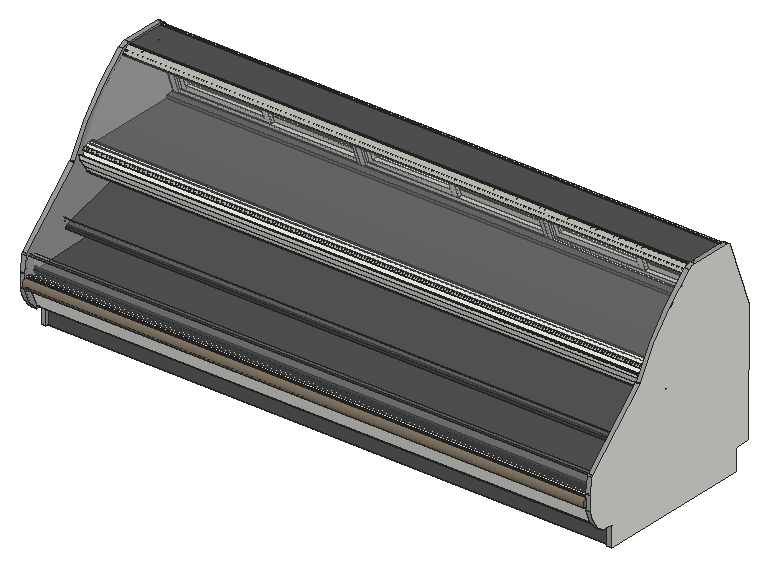
Revit family "CR3-D_2014", category Specialty Equipment, Revit 2014 (continued)
Automatic sketch dimensions
  Extrusion 4 sketch curve to plane 3 "Top" = 0.01343"
  Extrusion 4 sketch curve to Extrusion 4 sketch curve = 0.36"
  Extrusion 4 sketch curve to Extrusion 4 sketch curve = 0.078"
  Extrusion 4 sketch curve to Extrusion 4 sketch curve = 0.99303"
  Extrusion 4 sketch curve to Extrusion 4 sketch curve = 0.10921"
  plane 3 "Top" to Extrusion 4 sketch curve = 3.03274"
  plane 3 "Top" to Extrusion 4 sketch curve = 2.93277"
  Extrusion 4 sketch curve to Extrusion 4 sketch curve = 0.0733"  (x4)
  Extrusion 4 sketch curve to Extrusion 4 sketch curve = 4.52698"
  Extrusion 4 sketch curve to Extrusion 4 sketch curve = 0.0478"
  Extrusion 4 sketch curve to Extrusion 4 sketch curve = 0.3578"
  plane 3 "Top" to Extrusion 4 sketch curve = 3.69053"
  Extrusion 4 sketch curve to Extrusion 4 sketch curve = 0.03377"
  Extrusion 4 sketch curve to Extrusion 4 sketch curve = 0.595"  (x2)
  plane 3 "Top" to Extrusion 4 sketch curve = 2.93133"
  Extrusion 4 sketch curve to Extrusion 4 sketch curve = 1 1/8"
  Extrusion 4 sketch curve to Extrusion 4 sketch curve = 0.2372"
  Extrusion 4 sketch curve to Extrusion 4 sketch curve = 0.0128"
  Extrusion 4 sketch curve to Extrusion 4 sketch curve = 0.345"  (x3)
  plane 3 "Top" to Extrusion 4 sketch curve = 0.34572"
  Extrusion 4 sketch curve to Extrusion 4 sketch curve = 1.88489"
  Extrusion 4 sketch curve to Extrusion 4 sketch curve = 14.9952"
  Extrusion 4 sketch curve to Extrusion 4 sketch curve = 0.02615"
  level to Extrusion 4 sketch curve = 7.60758"
  Extrusion 4 sketch curve to Extrusion 4 sketch curve = 0.86367"  (x2)
  Extrusion 4 sketch curve to Extrusion 4 sketch curve = 0.96365"
  Extrusion 4 sketch curve to Extrusion 4 sketch curve = 2.4815"
  Extrusion 4 sketch curve to Extrusion 4 sketch curve = 0.13"
  Extrusion 4 sketch curve to Extrusion 4 sketch curve = 0.035"
  Extrusion 4 sketch curve to Extrusion 4 sketch curve = 0.04029"
  Extrusion 4 sketch curve to Extrusion 4 sketch curve = 0.06467"
  Extrusion 4 sketch curve to Extrusion 4 sketch curve = 0.06385"
  Extrusion 4 sketch curve to Extrusion 4 sketch curve = 1.13058"
  Extrusion 4 sketch curve to Extrusion 4 sketch curve = 2.58659"
  Extrusion 4 sketch curve to Extrusion 4 sketch curve = 0.04197"
  Extrusion 4 sketch curve to Extrusion 4 sketch curve = 1.26414"
  Extrusion 4 sketch curve to Extrusion 4 sketch curve = 0.09181"
  Extrusion 4 sketch curve to Extrusion 4 sketch curve = 2.8311"
  Extrusion 4 sketch curve to Extrusion 4 sketch curve = 0.82887"
  Extrusion 4 sketch curve to Extrusion 4 sketch curve = 0.87606"
  Extrusion 4 sketch curve to Extrusion 4 sketch curve = 0.12563"
  Extrusion 4 sketch curve to Extrusion 4 sketch curve = 0.02379"  (x2)
  Extrusion 4 sketch curve to Extrusion 4 sketch curve = 0.05629"  (x3)
  Extrusion 4 sketch curve to Extrusion 4 sketch curve = 3.41548"
  Extrusion 4 sketch curve to Extrusion 4 sketch curve = 0.07575"
  Extrusion 4 sketch curve to Extrusion 4 sketch curve = 0.015"  (x2)
  Extrusion 4 sketch curve to Extrusion 4 sketch curve = 0.02598"
  Extrusion 4 sketch curve to Extrusion 4 sketch curve = 0.71047"
  Extrusion 4 sketch curve to Extrusion 4 sketch curve = 0.83571"
  Extrusion 4 sketch curve to Extrusion 4 sketch curve = 0.0325"
  Extrusion 4 sketch curve to Extrusion 4 sketch curve = 0.05157"
  Extrusion 4 sketch curve to Extrusion 4 sketch curve = 0.15131"
  Extrusion 4 sketch curve to Extrusion 4 sketch curve = 0.0366"
  Extrusion 4 sketch curve to Extrusion 4 sketch curve = 0.91312"
  Extrusion 4 sketch curve to Extrusion 4 sketch curve = 0.03995"
  Extrusion 4 sketch curve to Extrusion 4 sketch curve = 0.85479"
  Extrusion 4 sketch curve to Extrusion 4 sketch curve = 0.05372"
  Extrusion 4 sketch curve to Extrusion 4 sketch curve = 0.75387"
  Extrusion 4 sketch curve to Extrusion 4 sketch curve = 0.0238"
  Extrusion 4 sketch curve to Extrusion 4 sketch curve = 0.01291"
  Extrusion 4 sketch curve to Extrusion 4 sketch curve = 0.75022"
  Extrusion 4 sketch curve to Extrusion 4 sketch curve = 0.77812"
  Extrusion 4 sketch curve to Extrusion 4 sketch curve = 0.02374"
  Extrusion 4 sketch curve to Extrusion 4 sketch curve = 0.2159"
  Extrusion 4 sketch curve to Extrusion 4 sketch curve = 0.02365"
  Extrusion 4 sketch curve to Extrusion 4 sketch curve = 0.06259"
  plane 5 "Front" to Extrusion 4 sketch curve = 6.06739"
  Extrusion 4 sketch curve to Extrusion 4 sketch curve = 0.05811"
  Extrusion 4 sketch curve to Extrusion 4 sketch curve = 1/16"
  Extrusion 4 sketch curve to Extrusion 4 sketch curve = 0.00996"
  Extrusion 4 sketch curve to Extrusion 4 sketch curve = 0.06037"
  Extrusion 4 sketch curve to Extrusion 4 sketch curve = 1.03228"
  Extrusion 4 sketch curve to Extrusion 4 sketch curve = 0.002"
  Extrusion 4 sketch curve to Extrusion 4 sketch curve = 0.07433"
  Extrusion 4 sketch curve to Extrusion 4 sketch curve = 0.05894"
  Extrusion 4 sketch curve to Extrusion 4 sketch curve = 0.942"
  Extrusion 4 sketch curve to Extrusion 4 sketch curve = 0.437"
  Extrusion 4 sketch curve to Extrusion 4 sketch curve = 1.30099"
  Extrusion 4 sketch curve to Extrusion 4 sketch curve = 0.321"  (x2)
  Extrusion 4 sketch curve to Extrusion 4 sketch curve = 0.3835"
  Extrusion 4 sketch curve to Extrusion 4 sketch curve = 0.33171"
  Extrusion 4 sketch curve to Extrusion 4 sketch curve = 0.48743"
  Extrusion 4 sketch curve to Extrusion 4 sketch curve = 0.0925"  (x2)
  Extrusion 4 sketch curve to Extrusion 4 sketch curve = 0.71176"
  Extrusion 4 sketch curve to Extrusion 4 sketch curve = 0.95999"
  level to Extrusion 4 sketch curve = 7.41108"
  Extrusion 4 sketch curve to Extrusion 4 sketch curve = 0.70692"
  Extrusion 4 sketch curve to Extrusion 4 sketch curve = 0.92046"
  Extrusion 4 sketch curve to Extrusion 4 sketch curve = 0.03"
  Extrusion 4 sketch curve to Extrusion 4 sketch curve = 0.57125"
  Extrusion 4 sketch curve to Extrusion 4 sketch curve = 0.01129"
  Extrusion 4 sketch curve to Extrusion 4 sketch curve = 0.18131"
  Extrusion 4 sketch curve to Extrusion 4 sketch curve = 0.02229"
  Extrusion 4 sketch curve to Extrusion 4 sketch curve = 2.51608"
  Extrusion 4 sketch curve to Extrusion 4 sketch curve = 0.234"
  Extrusion 4 sketch curve to Extrusion 4 sketch curve = 3.88125"
  Extrusion 4 sketch curve to Extrusion 4 sketch curve = 0.91209"
  Extrusion 4 sketch curve to Extrusion 4 sketch curve = 0.01618"
  Extrusion 4 sketch curve to Extrusion 4 sketch curve = 0.09662"
  Extrusion 4 sketch curve to Extrusion 4 sketch curve = 0.11688"
  Extrusion 4 sketch curve to Extrusion 4 sketch curve = 1.62375"
  Extrusion 4 sketch curve to Extrusion 4 sketch curve = 0.1555"
  Extrusion 4 sketch curve to Extrusion 4 sketch curve = 0.062"
  Extrusion 4 sketch curve to Extrusion 4 sketch curve = 0.59641"
  Extrusion 4 sketch curve to Extrusion 4 sketch curve = 0.371"
  Extrusion 4 sketch curve to Extrusion 4 sketch curve = 0.24458"
  Extrusion 4 sketch curve to Extrusion 4 sketch curve = 12.24798"
  Extrusion 4 sketch curve to Extrusion 4 sketch curve = 0.00656"
  Extrusion 4 sketch curve to Extrusion 4 sketch curve = 0.39739"
  Extrusion 4 sketch curve to Extrusion 4 sketch curve = 0.32631"
  Extrusion 4 sketch curve to Extrusion 4 sketch curve = 0.39507"
  Extrusion 4 sketch curve to Extrusion 4 sketch curve = 2.2093"
  Extrusion 4 sketch curve to Extrusion 4 sketch curve = 0.96558"
  Extrusion 4 sketch curve to Extrusion 4 sketch curve = 0.01537"
  Extrusion 4 sketch curve to Extrusion 4 sketch curve = 1.40745"
  Extrusion 4 sketch curve to Extrusion 4 sketch curve = 1.95994"
  Extrusion 4 sketch curve to Extrusion 4 sketch curve = 0.22796"
  Extrusion 4 sketch curve to Extrusion 4 sketch curve = 0.43429"
  Extrusion 4 sketch curve to Extrusion 4 sketch curve = 0.4825"
  Extrusion 4 sketch curve to Extrusion 4 sketch curve = 0.17619"
  Extrusion 4 sketch curve to Extrusion 4 sketch curve = 0.12493"
  Extrusion 4 sketch curve to Extrusion 4 sketch curve = 1.46908"
  Extrusion 4 sketch curve to Extrusion 4 sketch curve = 0.03185"
  Extrusion 4 sketch curve to Extrusion 4 sketch curve = 2.01993"
  Extrusion 4 sketch curve to Extrusion 4 sketch curve = 0.68782"
  Extrusion 4 sketch curve to Extrusion 4 sketch curve = 0.00882"
  Extrusion 4 sketch curve to Extrusion 4 sketch curve = 0.37625"
  Extrusion 4 sketch curve to Extrusion 4 sketch curve = 0.06078"
  Extrusion 4 sketch curve to Extrusion 4 sketch curve = 0.07809"
  Extrusion 4 sketch curve to Extrusion 4 sketch curve = 4.12766"
  Extrusion 4 sketch curve to Extrusion 4 sketch curve = 0.01127"
  Extrusion 4 sketch curve to Extrusion 4 sketch curve = 0.16976"
  Extrusion 4 sketch curve to Extrusion 4 sketch curve = 0.01077"
  Extrusion 4 sketch curve to Extrusion 4 sketch curve = 0.25301"
  Extrusion 4 sketch curve to Extrusion 4 sketch curve = 0.0054"
  Extrusion 4 sketch curve to Extrusion 4 sketch curve = 0.11679"
  Extrusion 4 sketch curve to Extrusion 4 sketch curve = 35/128"
  Extrusion 4 sketch curve to Extrusion 4 sketch curve = 0.98246"
  Extrusion 4 sketch curve to Extrusion 4 sketch curve = 0.00402"
  Extrusion 4 sketch curve to Extrusion 4 sketch curve = 0.52991"
  Extrusion 4 sketch curve to Extrusion 4 sketch curve = 0.12516"
  Extrusion 4 sketch curve to Extrusion 4 sketch curve = 0.00521"
  Extrusion 4 sketch curve to Extrusion 4 sketch curve = 0.5022"
  Extrusion 4 sketch curve to Extrusion 4 sketch curve = 0.30902"
  Extrusion 4 sketch curve to Extrusion 4 sketch curve = 0.03957"
  Extrusion 4 sketch curve to Extrusion 4 sketch curve = 0.82"
  Extrusion 4 sketch curve to Extrusion 4 sketch curve = 0.0258"
  Extrusion 4 sketch curve to Extrusion 4 sketch curve = 0.03743"
  Extrusion 4 sketch curve to Extrusion 4 sketch curve = 0.03257"
  Extrusion 4 sketch curve to Extrusion 4 sketch curve = 0.03732"
  Extrusion 4 sketch curve to Extrusion 4 sketch curve = 0.15477"
  Extrusion 4 sketch curve to Extrusion 4 sketch curve = 0.04499"
  Extrusion 4 sketch curve to Extrusion 4 sketch curve = 0.435"  (x2)
  Extrusion 4 sketch curve to Extrusion 4 sketch curve = 0.50144"
  Extrusion 4 sketch curve to Extrusion 4 sketch curve = 0.00074"
  plane 3 "Top" to Extrusion 4 sketch curve = 3.69039"
  Extrusion 4 sketch curve to Extrusion 4 sketch curve = 0.03381"
  Extrusion 5 sketch curve to Extrusion 5 sketch curve = 0"  (x2)
  plane 5 "Front" to Extrusion 5 sketch curve = 3.56606"
  Extrusion 5 sketch curve to Extrusion 5 sketch curve = 0.06362"
  Extrusion 5 sketch curve to Extrusion 5 sketch curve = 0.07036"
  Extrusion 5 sketch curve to Extrusion 5 sketch curve = 0.03426"
  Extrusion 5 sketch curve to Extrusion 5 sketch curve = 0.0544"
  Extrusion 5 sketch curve to Extrusion 5 sketch curve = 0.06497"
  Extrusion 5 sketch curve to Extrusion 5 sketch curve = 0.03498"  (x2)
  Extrusion 5 sketch curve to Extrusion 5 sketch curve = 0.02998"
  Extrusion 5 sketch curve to Extrusion 5 sketch curve = 0.00096"
  Extrusion 5 sketch curve to Extrusion 5 sketch curve = 0.00112"
  Extrusion 5 sketch curve to Extrusion 5 sketch curve = 0.01494"
  plane 1 "Back" to Extrusion 5 sketch curve = 21.46057"
  Extrusion 5 sketch curve to Extrusion 5 sketch curve = 0.688"
  level to Extrusion 5 sketch curve = 13.99202"
  Extrusion 5 sketch curve to Extrusion 5 sketch curve = 0.46476"
  Extrusion 5 sketch curve to Extrusion 5 sketch curve = 0.0279"
  Extrusion 5 sketch curve to Extrusion 5 sketch curve = 0.6195"
  Extrusion 5 sketch curve to Extrusion 5 sketch curve = 0.00718"
  Extrusion 5 sketch curve to Extrusion 5 sketch curve = 0.47815"
  Extrusion 5 sketch curve to Extrusion 5 sketch curve = 0.01333"
  Extrusion 5 sketch curve to Extrusion 5 sketch curve = 9.25567"
  plane 5 "Front" to Extrusion 6 sketch curve = 13.69225"
  Extrusion 6 sketch curve to Extrusion 6 sketch curve = 0.06041"
  Extrusion 6 sketch curve to Extrusion 6 sketch curve = 0.16871"
  Extrusion 6 sketch curve to Extrusion 6 sketch curve = 0.06028"
  Extrusion 6 sketch curve to Extrusion 6 sketch curve = 0.00013"
  Extrusion 6 sketch curve to Extrusion 6 sketch curve = 0.01605"
  Extrusion 6 sketch curve to Extrusion 6 sketch curve = 0.20224"
  Extrusion 6 sketch curve to Extrusion 6 sketch curve = 0.04419"
  Extrusion 6 sketch curve to Extrusion 6 sketch curve = 0.06037"  (x4)
  Extrusion 6 sketch curve to Extrusion 6 sketch curve = 0.25343"
  Extrusion 6 sketch curve to Extrusion 6 sketch curve = 0.58875"
  Extrusion 6 sketch curve to Extrusion 6 sketch curve = 0.56443"
  Extrusion 6 sketch curve to Extrusion 6 sketch curve = 0.02594"
  Extrusion 6 sketch curve to Extrusion 6 sketch curve = 0.03864"
  Extrusion 6 sketch curve to Extrusion 6 sketch curve = 0.01757"
  Extrusion 6 sketch curve to Extrusion 6 sketch curve = 0.8447"
  Extrusion 6 sketch curve to Extrusion 6 sketch curve = 0.03897"
  Extrusion 6 sketch curve to Extrusion 6 sketch curve = 0.08331"
  Extrusion 6 sketch curve to Extrusion 6 sketch curve = 0.00906"  (x2)
  Extrusion 6 sketch curve to Extrusion 6 sketch curve = 0.03381"
  Extrusion 6 sketch curve to Extrusion 6 sketch curve = 0.08021"
  Extrusion 6 sketch curve to Extrusion 6 sketch curve = 0.03427"
  Extrusion 6 sketch curve to Extrusion 6 sketch curve = 0.03335"  (x2)
  Extrusion 6 sketch curve to Extrusion 6 sketch curve = 0.52078"
  Extrusion 6 sketch curve to Extrusion 6 sketch curve = 0.01551"
  Extrusion 6 sketch curve to Extrusion 6 sketch curve = 0.06761"
  Extrusion 6 sketch curve to Extrusion 6 sketch curve = 13.05208"
  Extrusion 6 sketch curve to Extrusion 6 sketch curve = 0.01618"  (x4)
  Extrusion 6 sketch curve to Extrusion 6 sketch curve = 0.19411"
  level to Extrusion 6 sketch curve = 19.52816"
  Extrusion 6 sketch curve to Extrusion 6 sketch curve = 0.04594"
  Extrusion 6 sketch curve to Extrusion 6 sketch curve = 0.00048"
  Extrusion 6 sketch curve to Extrusion 6 sketch curve = 0.06775"
  Extrusion 6 sketch curve to Extrusion 6 sketch curve = 0.09835"
  Extrusion 6 sketch curve to Extrusion 6 sketch curve = 0.03045"
  Extrusion 6 sketch curve to Extrusion 6 sketch curve = 0.11828"
  Extrusion 6 sketch curve to Extrusion 6 sketch curve = 0.06155"
  Extrusion 6 sketch curve to Extrusion 6 sketch curve = 0.19448"
  Extrusion 6 sketch curve to Extrusion 6 sketch curve = 0.00806"
  Extrusion 6 sketch curve to Extrusion 6 sketch curve = 0.73078"
  Extrusion 6 sketch curve to Extrusion 6 sketch curve = 0.04343"
  Extrusion 6 sketch curve to Extrusion 6 sketch curve = 0.15767"
  Extrusion 6 sketch curve to Extrusion 6 sketch curve = 0.03611"
  Extrusion 6 sketch curve to Extrusion 6 sketch curve = 0.29027"
  Extrusion 6 sketch curve to Extrusion 6 sketch curve = 0.02232"
  Extrusion 6 sketch curve to Extrusion 6 sketch curve = 3.49547"
  Extrusion 6 sketch curve to Extrusion 6 sketch curve = 0.72444"
  plane 5 "Front" to Extrusion 7 sketch curve = 13.22178"
  Extrusion 7 sketch curve to Extrusion 7 sketch curve = 0.12074"  (x2)
  Extrusion 7 sketch curve to Extrusion 7 sketch curve = 0.71175"
  Extrusion 7 sketch curve to Extrusion 7 sketch curve = 0.24152"
  level to Extrusion 7 sketch curve = 19.59182"
  Extrusion 7 sketch curve to Extrusion 7 sketch curve = 0.06457"
  Extrusion 7 sketch curve to Extrusion 7 sketch curve = 2.6563"
  Extrusion 7 sketch curve to Extrusion 7 sketch curve = 0.03235"
  plane 5 "Front" to Extrusion 8 sketch curve = 1.89546"
  Extrusion 8 sketch curve to Extrusion 8 sketch curve = 0.23743"
  Extrusion 8 sketch curve to Extrusion 8 sketch curve = 1/4"
  level to Extrusion 8 sketch curve = 13.11258"
  Extrusion 8 sketch curve to Extrusion 8 sketch curve = 5.49984"
  plane 5 "Front" to Extrusion 9 sketch curve = 0.9987"
  plane 5 "Front" to Extrusion 9 sketch curve = 1.27995"
  level to Extrusion 9 sketch curve = 11.47878"
  Extrusion 9 sketch curve to Extrusion 9 sketch curve = 1 1/4"
  level to Extrusion 12 sketch curve = 0.02008"
  plane 5 "Front" to Extrusion 12 sketch curve = 8.00175"
  Extrusion 12 sketch curve to Extrusion 12 sketch curve = 0.035"  (x3)
  Extrusion 12 sketch curve to level = 0.01492"  (x2)
  Extrusion 12 sketch curve to Extrusion 12 sketch curve = 29/64"
  Extrusion 12 sketch curve to Extrusion 12 sketch curve = 3/64"  (x2)
  Extrusion 12 sketch curve to Extrusion 12 sketch curve = 0.08188"
  plane 1 "Back" to Extrusion 12 sketch curve = 4.19387"
  level to Extrusion 12 sketch curve = 0.05241"
  Extrusion 12 sketch curve to Extrusion 12 sketch curve = 0.30277"
  level to Extrusion 12 sketch curve = 0.08467"
  Extrusion 12 sketch curve to Extrusion 12 sketch curve = 0.01862"
  Extrusion 12 sketch curve to Extrusion 12 sketch curve = 0.36323"
  level to Extrusion 12 sketch curve = 5/256"
  Extrusion 12 sketch curve to Extrusion 12 sketch curve = 0.00608"
  Extrusion 12 sketch curve to Extrusion 12 sketch curve = 3/8"  (x2)
  level to Extrusion 12 sketch curve = 0.45495"
  Extrusion 12 sketch curve to Extrusion 12 sketch curve = 0.01274"
  Extrusion 12 sketch curve to Extrusion 12 sketch curve = 4.68"
  Extrusion 12 sketch curve to Extrusion 12 sketch curve = 5.01739"
  plane 5 "Front" to Extrusion 16 sketch curve = 3.59732"
  plane 5 "Front" to Extrusion 16 sketch curve = 3.7258"
  Extrusion 16 sketch curve to Extrusion 16 sketch curve = 0.24987"
  level to Extrusion 16 sketch curve = 14.52078"
  Extrusion 16 sketch curve to Extrusion 16 sketch curve = 0.00803"
  Extrusion 19 sketch curve to Extrusion 19 sketch curve = 3.10211"
  Extrusion 19 sketch curve to Extrusion 19 sketch curve = 2.4486"
  Extrusion 19 sketch curve to Extrusion 19 sketch curve = 0.72957"
  Extrusion 19 sketch curve to Extrusion 19 sketch curve = 2.09477"
  Extrusion 19 sketch curve to Extrusion 19 sketch curve = 0.76243"
  Extrusion 20 sketch curve to Extrusion 20 sketch curve = 3.10211"
  Extrusion 20 sketch curve to Extrusion 20 sketch curve = 2.4486"
  Extrusion 20 sketch curve to Extrusion 20 sketch curve = 0.72957"
  Extrusion 20 sketch curve to Extrusion 20 sketch curve = 2.09477"
  Extrusion 20 sketch curve to Extrusion 20 sketch curve = 0.76243"
  Extrusion 25 sketch curve to Extrusion 25 sketch curve = 3.10211"
  Extrusion 25 sketch curve to Extrusion 25 sketch curve = 2.4486"
  Extrusion 25 sketch curve to Extrusion 25 sketch curve = 0.72957"
  Extrusion 25 sketch curve to Extrusion 25 sketch curve = 2.09477"
  Extrusion 25 sketch curve to Extrusion 25 sketch curve = 0.76243"
  Extrusion 26 sketch curve to Extrusion 26 sketch curve = 3.10211"
  Extrusion 26 sketch curve to Extrusion 26 sketch curve = 2.4486"
  Extrusion 26 sketch curve to Extrusion 26 sketch curve = 0.72957"
  Extrusion 26 sketch curve to Extrusion 26 sketch curve = 2.09477"
  Extrusion 26 sketch curve to Extrusion 26 sketch curve = 0.76243"
  Extrusion 27 sketch curve to Extrusion 27 sketch curve = 3.10211"
  Extrusion 27 sketch curve to Extrusion 27 sketch curve = 2.4486"
  Extrusion 27 sketch curve to Extrusion 27 sketch curve = 0.72957"
  Extrusion 27 sketch curve to Extrusion 27 sketch curve = 2.09477"
  Extrusion 27 sketch curve to Extrusion 27 sketch curve = 0.76243"
  Extrusion 31 sketch curve to Extrusion 31 sketch curve = 3.10211"
  Extrusion 31 sketch curve to Extrusion 31 sketch curve = 2.4486"
  Extrusion 31 sketch curve to Extrusion 31 sketch curve = 0.72957"
  Extrusion 31 sketch curve to Extrusion 31 sketch curve = 2.09477"
  Extrusion 31 sketch curve to Extrusion 31 sketch curve = 0.76243"
  Extrusion 32 sketch curve to Extrusion 32 sketch curve = 3.10211"
  Extrusion 32 sketch curve to Extrusion 32 sketch curve = 2.4486"
  Extrusion 32 sketch curve to Extrusion 32 sketch curve = 0.72957"
  Extrusion 32 sketch curve to Extrusion 32 sketch curve = 2.09477"
  Extrusion 32 sketch curve to Extrusion 32 sketch curve = 0.76243"
  Extrusion 33 sketch curve to Extrusion 33 sketch curve = 3.10211"
  Extrusion 33 sketch curve to Extrusion 33 sketch curve = 2.4486"
  Extrusion 33 sketch curve to Extrusion 33 sketch curve = 0.72957"
  Extrusion 33 sketch curve to Extrusion 33 sketch curve = 2.09477"
  Extrusion 33 sketch curve to Extrusion 33 sketch curve = 0.76243"
  Extrusion 37 sketch curve to Extrusion 37 sketch curve = 3.10211"
  Extrusion 37 sketch curve to Extrusion 37 sketch curve = 2.4486"
  Extrusion 37 sketch curve to Extrusion 37 sketch curve = 0.72957"
  Extrusion 37 sketch curve to Extrusion 37 sketch curve = 2.09477"
  Extrusion 37 sketch curve to Extrusion 37 sketch curve = 0.76243"
  Extrusion 38 sketch curve to Extrusion 38 sketch curve = 3.10211"
  Extrusion 38 sketch curve to Extrusion 38 sketch curve = 2.4486"
  Extrusion 38 sketch curve to Extrusion 38 sketch curve = 0.72957"
  Extrusion 38 sketch curve to Extrusion 38 sketch curve = 2.09477"
  Extrusion 38 sketch curve to Extrusion 38 sketch curve = 0.76243"
  Extrusion 41 sketch curve to Extrusion 41 sketch curve = 3.10211"
  Extrusion 41 sketch curve to Extrusion 41 sketch curve = 2.4486"
  Extrusion 41 sketch curve to Extrusion 41 sketch curve = 0.72957"
  Extrusion 41 sketch curve to Extrusion 41 sketch curve = 2.09477"
  Extrusion 41 sketch curve to Extrusion 41 sketch curve = 0.76243"
  Extrusion 42 sketch curve to Extrusion 42 sketch curve = 3.10211"
  Extrusion 42 sketch curve to Extrusion 42 sketch curve = 2.4486"
  Extrusion 42 sketch curve to Extrusion 42 sketch curve = 0.72957"
  Extrusion 42 sketch curve to Extrusion 42 sketch curve = 2.09477"
  Extrusion 42 sketch curve to Extrusion 42 sketch curve = 0.76243"
  Extrusion 45 sketch curve to Extrusion 45 sketch curve = 3.10211"
  Extrusion 45 sketch curve to Extrusion 45 sketch curve = 2.4486"
  Extrusion 45 sketch curve to Extrusion 45 sketch curve = 0.72957"
  Extrusion 45 sketch curve to Extrusion 45 sketch curve = 2.09477"
  Extrusion 45 sketch curve to Extrusion 45 sketch curve = 0.76243"
  Extrusion 46 sketch curve to Extrusion 46 sketch curve = 3.10211"
  Extrusion 46 sketch curve to Extrusion 46 sketch curve = 2.4486"
  Extrusion 46 sketch curve to Extrusion 46 sketch curve = 0.72957"
  Extrusion 46 sketch curve to Extrusion 46 sketch curve = 2.09477"
  Extrusion 46 sketch curve to Extrusion 46 sketch curve = 0.76243"
  Extrusion 4 sketch curve to Extrusion 4 sketch curve = 0.22465"
  Extrusion 4 sketch curve to Extrusion 4 sketch curve = 0.92417"
  Extrusion 4 sketch curve to Extrusion 4 sketch curve = 0.21425"
  plane 1 "Back" to Extrusion 4 sketch curve = 0.33657"
  Extrusion 49 sketch curve to level = 0"
  Extrusion 49 sketch curve to plane 1 "Back" = 0"
  level to Extrusion 49 sketch curve = 4.82131"
  level to Extrusion 49 sketch curve = 5.0659"
  Extrusion 49 sketch curve to Extrusion 49 sketch curve = 1/2"  (x3)
  level to Extrusion 49 sketch curve = 8.20113"
  plane 5 "Front" to Extrusion 49 sketch curve = 0.74773"
  Extrusion 49 sketch curve to Extrusion 49 sketch curve = 5.99503"
  Extrusion 49 sketch curve to Extrusion 49 sketch curve = 7.97116"
  plane 5 "Front" to Extrusion 49 sketch curve = 1.44773"
  Extrusion 49 sketch curve to Extrusion 49 sketch curve = 3.55575"
  plane 5 "Front" to Extrusion 49 sketch curve = 0.75556"
  Extrusion 49 sketch curve to Extrusion 49 sketch curve = 3.85592"
  plane 5 "Front" to Extrusion 49 sketch curve = 1.3372"
  Extrusion 49 sketch curve to Extrusion 49 sketch curve = 0.10441"
  plane 5 "Front" to Extrusion 49 sketch curve = 1.55019"
  Extrusion 49 sketch curve to Extrusion 49 sketch curve = 0.40586"
  plane 3 "Top" to Extrusion 49 sketch curve = 19.7392"
  Extrusion 49 sketch curve to Extrusion 49 sketch curve = 0.51027"
  plane 3 "Top" to Extrusion 49 sketch curve = 16.5517"
  plane 3 "Top" to Extrusion 49 sketch curve = 2.72374"
  plane 3 "Top" to Extrusion 49 sketch curve = 0.42374"
  plane 3 "Top" to Extrusion 49 sketch curve = 0.18395"
  Extrusion 49 sketch curve to plane 3 "Top" = 0.27626"
  Extrusion 49 sketch curve to plane 1 "Back" = 16.495"
  Extrusion 49 sketch curve to Extrusion 49 sketch curve = 3.00118"
  plane 1 "Back" to Extrusion 49 sketch curve = 5.96807"
  Extrusion 49 sketch curve to Extrusion 49 sketch curve = 10.41409"
  plane 5 "Front" to Extrusion 49 sketch curve = 16.7486"
  Extrusion 49 sketch curve to Extrusion 49 sketch curve = 0.47919"
  Extrusion 49 sketch curve to Extrusion 49 sketch curve = 9.01499"
  Extrusion 49 sketch curve to Extrusion 49 sketch curve = 2.96898"
  Extrusion 49 sketch curve to Extrusion 49 sketch curve = 0"
  Extrusion 50 sketch curve to level = 0"
  Extrusion 50 sketch curve to plane 1 "Back" = 0"
  plane 1 "Back" to Extrusion 50 sketch curve = 1/2"
  Extrusion 50 sketch curve to Extrusion 50 sketch curve = 3.00118"
  plane 1 "Back" to Extrusion 50 sketch curve = 4.00118"
  plane 3 "Top" to Extrusion 50 sketch curve = 0.18395"
  plane 1 "Back" to Extrusion 50 sketch curve = 5.96807"
  Extrusion 50 sketch curve to Extrusion 50 sketch curve = 0.65765"
  Extrusion 50 sketch curve to plane 3 "Top" = 0.27626"
  Extrusion 50 sketch curve to Extrusion 50 sketch curve = 10.41409"
  plane 5 "Front" to Extrusion 50 sketch curve = 16.7486"
  Extrusion 50 sketch curve to Extrusion 50 sketch curve = 0.47919"  (x2)
  plane 5 "Front" to Extrusion 50 sketch curve = 10.46272"
  plane 5 "Front" to Extrusion 50 sketch curve = 7.53707"
  Extrusion 50 sketch curve to Extrusion 50 sketch curve = 1/2"
  Extrusion 50 sketch curve to Extrusion 50 sketch curve = 2.46898"
  plane 5 "Front" to Extrusion 50 sketch curve = 2.02937"
  plane 5 "Front" to Extrusion 50 sketch curve = 1.44773"
  Extrusion 50 sketch curve to Extrusion 50 sketch curve = 0.21298"
  Extrusion 50 sketch curve to Extrusion 50 sketch curve = 0.69217"
  Extrusion 50 sketch curve to Extrusion 50 sketch curve = 1/128"
  level to Extrusion 50 sketch curve = 8.20113"
  Extrusion 50 sketch curve to plane 1 "Back" = 16.495"
  level to Extrusion 50 sketch curve = 4.82131"
  level to Extrusion 50 sketch curve = 5.0659"
  Extrusion 50 sketch curve to Extrusion 50 sketch curve = 5.99503"
  Extrusion 50 sketch curve to Extrusion 50 sketch curve = 3.55575"
  Extrusion 50 sketch curve to Extrusion 50 sketch curve = 3.85592"
  Extrusion 50 sketch curve to Extrusion 50 sketch curve = 0.10441"
  plane 3 "Top" to Extrusion 50 sketch curve = 19.7392"
  Extrusion 50 sketch curve to Extrusion 50 sketch curve = 0.51027"
  plane 3 "Top" to Extrusion 50 sketch curve = 16.5517"
  plane 3 "Top" to Extrusion 50 sketch curve = 2.72374"
  Extrusion 50 sketch curve to Extrusion 50 sketch curve = 0"
  Extrusion 1 sketch curve to Extrusion 1 sketch curve = 0"  (x2)
  Extrusion 2 sketch curve to Extrusion 2 sketch curve = 0"
  Extrusion 3 sketch curve to Extrusion 3 sketch curve = 0"
  curve 8 to plane 4 "Left" = 0"
  curve 8 to plane 8 "Right" = 0"
  curve 5 to plane 5 "Front" = 0"
  plane 1 "Back" to curve 1 = 0"
  plane 1 "Back" to curve 4 = 0"
  plane 1 "Back" to curve 2 = 0"
  plane 1 "Back" to curve 3 = 0"
  plane 1 "Back" to curve 5 = 0"
  Extrusion 15 sketch curve to Extrusion 15 sketch curve = 0"  (x3)
  plane 6 "Center (Left/Right)" to Extrusion 15 sketch curve = 5"
Nested families (in)
  nested 1: "Floor Support - Pegs" at (-75.99499, -30.6875, 0), type "Floor Support - Pegs"
  nested 2: "Floor Support - Pegs" at (65.38051, -30.6875, 0), type "Floor Support - Pegs"
  nested 3: "Service Doors - 110deg - 48" at (18.69301, -25.0591, 11.25191), visible <- "12 Case", type "Service Doors - 110deg - 48"
  nested 4: "Light" at (-5.30699, -5.50716, -2.18133), type "Light"
  nested 5: "Light" at (-5.30699, -20.5797, -21.84835), type "Light"
  nested 6: "Light" at (-5.30699, -27.6863, -31.8452), type "Light"
  nested 7: "Service Doors - 110deg - 48" at (-29.30699, -25.0591, 11.25191), visible <- "12 Case", type "Service Doors - 110deg - 48"
  nested 8: "Service Doors - 110deg - 48" at (-77.30699, -25.0591, 11.25191), visible <- "12 Case", type "Service Doors - 110deg - 48"
  nested 9: "Service Doors - 110deg - 48" at (18.69301, -25.0591, 11.25191), visible <- "12 Case", type "Service Doors - 110deg - 48", not visible
  nested 10: "Service Doors - 110deg - 48" at (-29.30699, -25.0591, 11.25191), visible <- "12 Case", type "Service Doors - 110deg - 48", not visible
  nested 11: "Service Doors - 110deg - 48" at (-77.30699, -25.0591, 11.25191), visible <- "12 Case", type "Service Doors - 110deg - 48", not visible
  nested 12: "Service Doors - 110deg - 48" at (-29.30699, -25.0591, 11.25191), visible <- "8 Case", type "Service Doors - 110deg - 48"
  nested 13: "Service Doors - 110deg - 48" at (-77.30699, -25.0591, 11.25191), visible <- "8 Case", type "Service Doors - 110deg - 48"
  nested 14: "Service Doors - 110deg - 48" at (-29.30699, -25.0591, 11.25191), visible <- "8 Case", type "Service Doors - 110deg - 48", not visible
  nested 15: "Service Doors - 110deg - 48" at (-77.30699, -25.0591, 11.25191), visible <- "8 Case", type "Service Doors - 110deg - 48", not visible
  nested 16: "Service Doors - 110deg - 48" at (-77.30699, -25.0591, 11.25191), visible <- "4 Case", type "Service Doors - 110deg - 48"
  nested 17: "Service Doors - 110deg - 48" at (-77.30699, -25.0591, 11.25191), visible <- "4 Case", type "Service Doors - 110deg - 48", not visible
  nested 18: "Service Doors - 110deg - 60" at (-77.30699, -25.0591, 11.25191), visible <- "5 Case", type "Service Doors - 110deg - 60"
  nested 19: "Service Doors - 110deg - 60" at (-170.99499, -25.0591, 11.25191), visible <- "5 Case", type "Service Doors - 110deg - 60", not visible
  nested 20: "Service Doors - 110deg - 60" at (-17.30699, -25.0591, 11.25191), visible <- "10 Case", type "Service Doors - 110deg - 60"
  nested 21: "Service Doors - 110deg - 60" at (-110.99499, -25.0591, 11.25191), visible <- "10 Case", type "Service Doors - 110deg - 60", not visible
  nested 22: "Service Doors - 110deg - 60" at (-77.30699, -25.0591, 11.25191), visible <- "10 Case", type "Service Doors - 110deg - 60"
  nested 23: "Service Doors - 110deg - 60" at (-170.99499, -25.0591, 11.25191), visible <- "10 Case", type "Service Doors - 110deg - 60", not visible
  nested 24: "Service Doors - 110deg - 72" at (-77.30699, -25.0591, 11.25191), visible <- "6 Case", type "Service Doors - 110deg - 72"
  nested 25: "Service Doors - 110deg - 72" at (-72.99499, -14.67418, 0), visible <- "6 Case", type "Service Doors - 110deg - 72", not visible
  nested 26: "Sliding Doors" at (-77.30699, -0.27157, 7.54708), type "Sliding Doors"
  nested 27: "Shelf Braket - 02" at (-75.99499, -21.46057, 19.51458), type "Shelf Braket - 02"
  nested 28: "Shelf Braket - 02" at (65.38051, -21.46057, 19.51458), type "Shelf Braket - 02"
  nested 29: "Floor Support - Pegs" at (-28.86982, -30.6875, 0), type "Floor Support - Pegs"
  nested 30: "Shelf Braket - 02" at (-28.86982, -21.46057, 19.51458), type "Shelf Braket - 02"
  nested 31: "Floor Support - Pegs" at (18.25535, -30.6875, 0), type "Floor Support - Pegs"
  nested 32: "Shelf Braket - 02" at (18.25535, -21.46057, 19.51458), type "Shelf Braket - 02"
Connectors (in)
  piping at (-13.43199, -38.875, 0), diameter 1.5, driven by "Waste Drain"
    settings: on Extrusion 1, index 8, connector inside diameter 1 1/4", connector length 0", flow factor 0, pipe flow 0 GPM, pressure drop 0.00 psi, fitting loss kfactor 0, connector angle 0.00°, fixture units 0, engagement length 0", angle of deflection 0.00°, flow configuration 0, flow direction 0, fitting loss method 0, system type 16, joint type 0, gender type 0, connector reference index -1, connector utility 0, adjustable connector no, is connector primary yes, connector description "1 1/4\""
  piping at (60.38051, -37.125, 0), diameter 0.625, driven by "Refrig. Suction", driven by "Refrigeration Lines Suction"
    settings: on Extrusion 2, index 9, connector inside diameter 7/8", connector length 0", flow factor 0, pipe flow 0 GPM, pressure drop 0.00 psi, fitting loss kfactor 0, connector angle 0.00°, fixture units 0, engagement length 0", angle of deflection 0.00°, flow configuration 0, flow direction 2, fitting loss method 0, system type 22, joint type 0, gender type 0, connector reference index -1, connector utility 0, adjustable connector no, is connector primary no, connector description "Suction"
  piping at (60.88051, -37.125, 0), diameter 0.375, driven by "Refrig. Liquid", driven by "Refrigeration Lines Liquid"
    settings: on Extrusion 3, index 10, connector inside diameter 3/8", connector length 0", flow factor 0, pipe flow 0 GPM, pressure drop 0.00 psi, fitting loss kfactor 0, connector angle 0.00°, fixture units 0, engagement length 0", angle of deflection 0.00°, flow configuration 0, flow direction 1, fitting loss method 0, system type 22, joint type 0, gender type 0, connector reference index -1, connector utility 0, adjustable connector no, is connector primary no, connector description "Liquid"
  piping at (-0.30699, -17.375, 0), diameter 1.5, driven by "Waste Drain"
    settings: on Extrusion 15, index 13, connector inside diameter 1 1/4", connector length 0", flow factor 0, pipe flow 0 GPM, pressure drop 0.00 psi, fitting loss kfactor 0, connector angle 0.00°, fixture units 0, engagement length 0", angle of deflection 0.00°, flow configuration 0, flow direction 0, fitting loss method 0, system type 16, joint type 0, gender type 0, connector reference index -1, connector utility 0, adjustable connector no, is connector primary no, connector description ""
Definition of nested family "Floor Support - Pegs"
  Parameters (values of type "Floor Support - Pegs")
    Leg = Stainless Steel
    Height = 6"
    Depth = 35 3/4"
  Reference planes (in)
    plane 1 "Center (Front/Back)": y = 6.9375
    plane 2: z = 0
    plane 3 "Center (Left/Right)": x = 0
    plane 4: z = 6
    plane 5: y = 24.8125
    plane 6: y = -10.9375
  Forms (in)
    Revolve 1, solid, material "Stainless Steel" <- "Leg"
      sketch origin (0, 0, 0) x (0, 1, 0) y (0, 0, 1)
        loop
          line (-10.9375, 0) -> (-10.4375, 0) -> (-10.4375, 1.00794)
          arc (-10.4375, 1.00794) -> (-10.21653, 1.09947) -> (-10.125, 1.32044) r 0.3125
          line (-10.125, 1.32044) -> (-10.125, 3.375) -> (-10, 3.375) -> (-10, 6) -> (-10.9375, 6) -> (-10.9375, 0)
        axis (-10.9375, 0) -> (-10.9375, 6)
      angle from 0 to 360
    Revolve 2, solid, material "Stainless Steel" <- "Leg"
      sketch origin (0, 35.75, 0) x (0, 1, 0) y (0, 0, 1)
        loop
          line (-10.9375, 0) -> (-10.4375, 0) -> (-10.4375, 1.00794)
          arc (-10.4375, 1.00794) -> (-10.21653, 1.09947) -> (-10.125, 1.32044) r 0.3125
          line (-10.125, 1.32044) -> (-10.125, 3.375) -> (-10, 3.375) -> (-10, 6) -> (-10.9375, 6) -> (-10.9375, 0)
        axis (-10.9375, 0) -> (-10.9375, 6)
      angle from 0 to 360
  Dimensions and locks (in)
    "Height": plane 4 to level
    Revolve 1 sketch curve to Revolve 1 sketch curve = 5/16"
    locked: Revolve 1 sketch curve to Revolve 1 sketch curve at 0.5
    "Depth": plane 6 to plane 5
    equal spacing: plane 6, plane 1 "Center (Front/Back)", plane 5
    plane 4 to Revolve 1 sketch curve = 2 5/8"
    locked: Revolve 1 sketch curve to Revolve 1 sketch curve at 0.125
    Revolve 2 sketch curve to Revolve 2 sketch curve = 5/16"
    locked: Revolve 2 sketch curve to Revolve 2 sketch curve at 0.5
    locked: Revolve 2 sketch curve to Revolve 2 sketch curve at 0.125
    aligned and locked: plane 2 to level
    aligned and locked: Revolve 1 sketch curve to Revolve 1 sketch curve
    aligned and locked: plane 6 to Revolve 1 sketch curve
    aligned and locked: Revolve 2 sketch curve to Revolve 2 sketch curve
    aligned and locked: plane 5 to Revolve 2 sketch curve
  Automatic sketch dimensions
    Revolve 1 sketch curve to level = 0"  (x2)
    Revolve 1 sketch curve to plane 4 = 0"  (x2)
    Revolve 1 sketch curve to Revolve 1 sketch curve = 1.00794"
    Revolve 2 sketch curve to level = 0"  (x2)
    Revolve 2 sketch curve to plane 4 = 0"  (x2)
    level to Revolve 2 sketch curve = 1.00794"
    Revolve 2 sketch curve to Revolve 2 sketch curve = 2.05456"
Definition of nested family "Service Doors - 110deg - 48"
  Parameters (values of type "Service Doors - 110deg - 48")
    Glazing = Glass
    Door Frame = Plastic - 144 Mist Gray
  Reference planes (in)
    plane 1 "Center (Front/Back)": y = 25.29918
    plane 2: z = 0
    plane 3 "Center (Left/Right)": x = 0
  Forms (in)
    Sweep 1, solid, material "Plastic - 144 Mist Gray" <- "Door Frame"
      path in 3D
        loop
          line (48, 19.82686, 39.76221) -> (0, 19.82686, 39.76221) -> (0, 25.29918, 24.72713) -> (48, 25.29918, 24.72713) -> (48, 19.82686, 39.76221)
      profile origin (24, 19.82686, 39.76221) x (0, -0.999433, -0.03367) y (0, -0.03367, 0.999433)
        loop
          line (0.22211, -0.07247) -> (0, 0) -> (-0.46528, -1.42601) -> (1.67266, -2.12358) -> (1.98285, -1.17291) -> (0.08303, -0.55303) -> (0.22211, -0.07247)
    Extrusion 2, solid, material "Plastic - 144 Mist Gray" <- "Door Frame"
      sketch origin (1.5, 18.22664, 37.58351) x (0, 0.34202, -0.939693) y (0, 0.939693, 0.34202)
        loop
          line (0, 0.25) -> (13, 0.25) -> (13, 1.0625) -> (0, 1.0625) -> (0, 0.25)
      from 0 to 23
    Extrusion 3, solid, material "Plastic - 144 Mist Gray" <- "Door Frame"
      sketch origin (46.5, 22.67291, 25.36751) x (0, -0.34202, 0.939693) y (0, 0.939693, 0.34202)
        loop
          line (13, 1.875) -> (0, 1.875) -> (0, 1.0625) -> (13, 1.0625) -> (13, 1.875)
      from 0 to 23
    Extrusion 4, void
      sketch origin (46.5, 16.02328, 49.11934) x (0, -0.34202, 0.939693) y (-1, 0, 0)
        loop
          line (-23.09373, 21.5) -> (-23.09373, 1.5) -> (-13.09373, 1.5) -> (-13.09373, 21.5) -> (-23.09373, 21.5)
      from 0 to 0.8125
    Extrusion 5, void
      sketch origin (1.5, 18.28571, 38.15219) x (0, -0.34202, 0.939693) y (1, 0, 0)
        loop
          line (-2.01418, 21.5) -> (-12.01418, 21.5) -> (-12.01418, 1.5) -> (-2.01418, 1.5) -> (-2.01418, 21.5)
      from 0 to 0.8125
    Extrusion 6, solid, material "Glass" <- "Glazing"
      sketch origin (25, 24.43483, 26.0088) x (0, -0.34202, 0.939693) y (0, -0.939693, -0.34202)
        loop
          line (1.5, 0.1875) -> (13, 0.1875) -> (13, 0.625) -> (1.5, 0.625) -> (1.5, 0.1875)
      from 0 to 20
    Extrusion 7, solid, material "Glass" <- "Glazing"
      sketch origin (23, 18.46157, 37.66902) x (0, 0.34202, -0.939693) y (0, -0.939693, -0.34202)
        loop
          line (1.5, -0.625) -> (13, -0.625) -> (13, -0.1875) -> (1.5, -0.1875) -> (1.5, -0.625)
      from 0 to 20
  Cuts and joins
    Extrusion 4 cuts Extrusion 3
    Extrusion 5 cuts Extrusion 2
  Lines and regions (in)
    sketch lines
      curve 1: line (48, 25.29918, 24.72713) -> (48, 19.82686, 39.76221)
      curve 2: line (0, 19.82686, 39.76221) -> (0, 25.29918, 24.72713)
      curve 3: line (48, 19.82686, 39.76221) -> (0, 19.82686, 39.76221)
      curve 4: line (48, 25.29918, 24.72713) -> (0, 25.29918, 24.72713)
  Dimensions and locks (in)
    Extrusion 2 to Extrusion 3 = 45"
    plane 3 "Center (Left/Right)" to Sweep 1 = 48"
    Sweep 1 to Sweep 1 = 1 1/2"
    locked: cut or joined group of Extrusion 3, Extrusion 4 to Extrusion 4 sketch curve at 1.5
    locked: Extrusion 5 sketch curve to cut or joined group of Extrusion 2, Extrusion 5 at 1.5
    Sweep 1 to Sweep 1 = 16"
    locked: cut or joined group of Extrusion 2, Extrusion 5 to Extrusion 5 sketch curve at 1.5  (x2)
    locked: Sweep 1 to Extrusion 5 sketch curve at 1.5
    locked: Extrusion 4 sketch curve to Sweep 1 at 1.5  (x3)
    Sweep 1 to Sweep 1 = 45"
    angle level to Sweep 1 = 110.00°
    aligned and locked: plane 2 to level
    aligned and locked: Extrusion 3 to Sweep 1  (x3)
    aligned and locked: Extrusion 2 to Sweep 1
    aligned and locked: Extrusion 6 to cut or joined group of Extrusion 3, Extrusion 4
    aligned and locked: cut or joined group of Extrusion 3, Extrusion 4 to Extrusion 6
    aligned and locked: cut or joined group of Extrusion 2, Extrusion 5 to Extrusion 7
    aligned and locked: plane 1 "Center (Front/Back)" to Sweep 1
    aligned and locked: Sweep 1 to Extrusion 2 sketch curve  (x2)
    aligned and locked: cut or joined group of Extrusion 2, Extrusion 5 to Extrusion 7 sketch curve
    aligned and locked: Extrusion 7 sketch curve to Sweep 1
    aligned and locked: Sweep 1 to Extrusion 3 sketch curve  (x2)
    aligned and locked: Extrusion 6 sketch curve to Sweep 1
    aligned and locked: Extrusion 6 sketch curve to cut or joined group of Extrusion 3, Extrusion 4
Definition of nested family "Service Doors - 110deg - 60"
  Parameters (values of type "Service Doors - 110deg - 60")
    Glazing = Glass
    Door Frame = Plastic - 144 Mist Gray
  Reference planes (in)
    plane 1 "Center (Front/Back)": y = 25.29918
    plane 2: z = 0
    plane 3 "Center (Left/Right)": x = 0
  Forms (in)
    Sweep 1, solid, material "Plastic - 144 Mist Gray" <- "Door Frame"
      path in 3D
        loop
          line (60, 19.82686, 39.76221) -> (0, 19.82686, 39.76221) -> (0, 25.29918, 24.72713) -> (60, 25.29918, 24.72713) -> (60, 19.82686, 39.76221)
      profile origin (30, 19.82686, 39.76221) x (0, -0.999433, -0.03367) y (0, -0.03367, 0.999433)
        loop
          line (0.22211, -0.07247) -> (0, 0) -> (-0.46528, -1.42601) -> (1.67266, -2.12358) -> (1.98285, -1.17291) -> (0.08303, -0.55303) -> (0.22211, -0.07247)
    Extrusion 2, solid, material "Plastic - 144 Mist Gray" <- "Door Frame"
      sketch origin (1.5, 18.22664, 37.58351) x (0, 0.34202, -0.939693) y (0, 0.939693, 0.34202)
        loop
          line (0, 0.25) -> (13, 0.25) -> (13, 1.0625) -> (0, 1.0625) -> (0, 0.25)
      from 0 to 29
    Extrusion 3, solid, material "Plastic - 144 Mist Gray" <- "Door Frame"
      sketch origin (58.5, 22.67291, 25.36751) x (0, -0.34202, 0.939693) y (0, 0.939693, 0.34202)
        loop
          line (13, 1.875) -> (0, 1.875) -> (0, 1.0625) -> (13, 1.0625) -> (13, 1.875)
      from 0 to 28.98862
    Extrusion 4, void
      sketch origin (58.5, 16.02328, 49.11934) x (0, -0.34202, 0.939693) y (-1, 0, 0)
        loop
          line (-23.09373, 27.48862) -> (-23.09373, 1.5) -> (-13.09373, 1.5) -> (-13.09373, 27.48862) -> (-23.09373, 27.48862)
      from 0 to 0.8125
    Extrusion 5, void
      sketch origin (1.5, 18.28571, 38.15219) x (0, -0.34202, 0.939693) y (1, 0, 0)
        loop
          line (-2.01418, 27.5) -> (-12.01418, 27.5) -> (-12.01418, 1.5) -> (-2.01418, 1.5) -> (-2.01418, 27.5)
      from 0 to 0.8125
    Extrusion 6, solid, material "Glass" <- "Glazing"
      sketch origin (31.01138, 24.43483, 26.0088) x (0, -0.34202, 0.939693) y (0, -0.939693, -0.34202)
        loop
          line (1.5, 0.1875) -> (13, 0.1875) -> (13, 0.625) -> (1.5, 0.625) -> (1.5, 0.1875)
      from 0 to 25.98862
    Extrusion 7, solid, material "Glass" <- "Glazing"
      sketch origin (29, 18.46157, 37.66902) x (0, 0.34202, -0.939693) y (0, -0.939693, -0.34202)
        loop
          line (1.5, -0.625) -> (13, -0.625) -> (13, -0.1875) -> (1.5, -0.1875) -> (1.5, -0.625)
      from 0 to 26
  Cuts and joins
    Extrusion 4 cuts Extrusion 3
    Extrusion 5 cuts Extrusion 2
  Lines and regions (in)
    sketch lines
      curve 1: line (60, 25.29918, 24.72713) -> (60, 19.82686, 39.76221)
      curve 2: line (0, 19.82686, 39.76221) -> (0, 25.29918, 24.72713)
      curve 3: line (60, 19.82686, 39.76221) -> (0, 19.82686, 39.76221)
      curve 4: line (60, 25.29918, 24.72713) -> (0, 25.29918, 24.72713)
  Dimensions and locks (in)
    Extrusion 2 to Extrusion 3 = 57"
    plane 3 "Center (Left/Right)" to Sweep 1 = 60"
    Sweep 1 to Sweep 1 = 1 1/2"
    locked: cut or joined group of Extrusion 3, Extrusion 4 to Extrusion 4 sketch curve at 1.5
    locked: Extrusion 5 sketch curve to cut or joined group of Extrusion 2, Extrusion 5 at 1.5
    Sweep 1 to Sweep 1 = 16"
    locked: cut or joined group of Extrusion 2, Extrusion 5 to Extrusion 5 sketch curve at 1.5  (x2)
    locked: Sweep 1 to Extrusion 5 sketch curve at 1.5
    locked: Extrusion 4 sketch curve to Sweep 1 at 1.5  (x3)
    Sweep 1 to Sweep 1 = 57"
    angle level to Sweep 1 = 110.00°
    aligned and locked: plane 2 to level
    aligned and locked: Extrusion 3 to Sweep 1  (x3)
    aligned and locked: Extrusion 2 to Sweep 1
    aligned and locked: Extrusion 6 to cut or joined group of Extrusion 3, Extrusion 4
    aligned and locked: cut or joined group of Extrusion 3, Extrusion 4 to Extrusion 6
    aligned and locked: cut or joined group of Extrusion 2, Extrusion 5 to Extrusion 7
    aligned and locked: plane 1 "Center (Front/Back)" to Sweep 1
    aligned and locked: Sweep 1 to Extrusion 2 sketch curve  (x2)
    aligned and locked: cut or joined group of Extrusion 2, Extrusion 5 to Extrusion 7 sketch curve
    aligned and locked: Extrusion 7 sketch curve to Sweep 1
    aligned and locked: Sweep 1 to Extrusion 3 sketch curve  (x2)
    aligned and locked: Extrusion 6 sketch curve to Sweep 1
    aligned and locked: Extrusion 6 sketch curve to cut or joined group of Extrusion 3, Extrusion 4
Definition of nested family "Service Doors - 110deg - 72"
  Parameters (values of type "Service Doors - 110deg - 72")
    Glazing = none
    Door Frame = none
  Reference planes (in)
    plane 1 "Center (Front/Back)": y = 25.29918
    plane 2: z = 0
    plane 3 "Center (Left/Right)": x = 0
  Forms (in)
    Sweep 1, solid, material <- "Door Frame"
      path in 3D
        loop
          line (72, 19.82686, 39.76221) -> (0, 19.82686, 39.76221) -> (0, 25.29918, 24.72713) -> (72, 25.29918, 24.72713) -> (72, 19.82686, 39.76221)
      profile origin (36, 19.82686, 39.76221) x (0, -0.999433, -0.03367) y (0, -0.03367, 0.999433)
        loop
          line (0.22211, -0.07247) -> (0, 0) -> (-0.46528, -1.42601) -> (1.67266, -2.12358) -> (1.98285, -1.17291) -> (0.08303, -0.55303) -> (0.22211, -0.07247)
    Extrusion 2, solid, material <- "Door Frame"
      sketch origin (1.5, 18.22664, 37.58351) x (0, 0.34202, -0.939693) y (0, 0.939693, 0.34202)
        loop
          line (0, 0.25) -> (13, 0.25) -> (13, 1.0625) -> (0, 1.0625) -> (0, 0.25)
      from 0 to 35
    Extrusion 3, solid, material <- "Door Frame"
      sketch origin (70.5, 22.67291, 25.36751) x (0, -0.34202, 0.939693) y (0, 0.939693, 0.34202)
        loop
          line (13, 1.875) -> (0, 1.875) -> (0, 1.0625) -> (13, 1.0625) -> (13, 1.875)
      from 0 to 35
    Extrusion 4, void
      sketch origin (70.5, 16.02328, 49.11934) x (0, -0.34202, 0.939693) y (-1, 0, 0)
        loop
          line (-23.09373, 33.5) -> (-23.09373, 1.5) -> (-13.09373, 1.5) -> (-13.09373, 33.5) -> (-23.09373, 33.5)
      from 0 to 0.8125
    Extrusion 5, void
      sketch origin (1.5, 18.28571, 38.15219) x (0, -0.34202, 0.939693) y (1, 0, 0)
        loop
          line (-2.01418, 33.5) -> (-12.01418, 33.5) -> (-12.01418, 1.5) -> (-2.01418, 1.5) -> (-2.01418, 33.5)
      from 0 to 0.8125
    Extrusion 6, solid, material <- "Glazing"
      sketch origin (37, 24.43483, 26.0088) x (0, -0.34202, 0.939693) y (0, -0.939693, -0.34202)
        loop
          line (1.5, 0.1875) -> (13, 0.1875) -> (13, 0.625) -> (1.5, 0.625) -> (1.5, 0.1875)
      from 0 to 32
    Extrusion 7, solid, material <- "Glazing"
      sketch origin (35, 18.46157, 37.66902) x (0, 0.34202, -0.939693) y (0, -0.939693, -0.34202)
        loop
          line (1.5, -0.625) -> (13, -0.625) -> (13, -0.1875) -> (1.5, -0.1875) -> (1.5, -0.625)
      from 0 to 32
  Cuts and joins
    Extrusion 4 cuts Extrusion 3
    Extrusion 5 cuts Extrusion 2
  Lines and regions (in)
    sketch lines
      curve 1: line (72, 25.29918, 24.72713) -> (72, 19.82686, 39.76221)
      curve 2: line (0, 19.82686, 39.76221) -> (0, 25.29918, 24.72713)
      curve 3: line (72, 19.82686, 39.76221) -> (0, 19.82686, 39.76221)
      curve 4: line (72, 25.29918, 24.72713) -> (0, 25.29918, 24.72713)
  Dimensions and locks (in)
    Extrusion 2 to Extrusion 3 = 69"
    plane 3 "Center (Left/Right)" to Sweep 1 = 72"
    Sweep 1 to Sweep 1 = 1 1/2"
    locked: cut or joined group of Extrusion 3, Extrusion 4 to Extrusion 4 sketch curve at 1.5
    locked: Extrusion 5 sketch curve to cut or joined group of Extrusion 2, Extrusion 5 at 1.5
    Sweep 1 to Sweep 1 = 16"
    locked: cut or joined group of Extrusion 2, Extrusion 5 to Extrusion 5 sketch curve at 1.5  (x2)
    locked: Sweep 1 to Extrusion 5 sketch curve at 1.5
    locked: Extrusion 4 sketch curve to Sweep 1 at 1.5  (x3)
    Sweep 1 to Sweep 1 = 69"
    angle level to Sweep 1 = 110.00°
    aligned and locked: plane 2 to level
    aligned and locked: Extrusion 3 to Sweep 1  (x3)
    aligned and locked: Extrusion 2 to Sweep 1
    aligned and locked: Extrusion 6 to cut or joined group of Extrusion 3, Extrusion 4
    aligned and locked: cut or joined group of Extrusion 3, Extrusion 4 to Extrusion 6
    aligned and locked: cut or joined group of Extrusion 2, Extrusion 5 to Extrusion 7
    aligned and locked: plane 1 "Center (Front/Back)" to Sweep 1
    aligned and locked: Sweep 1 to Extrusion 2 sketch curve  (x2)
    aligned and locked: cut or joined group of Extrusion 2, Extrusion 5 to Extrusion 7 sketch curve
    aligned and locked: Extrusion 7 sketch curve to Sweep 1
    aligned and locked: Sweep 1 to Extrusion 3 sketch curve  (x2)
    aligned and locked: Extrusion 6 sketch curve to Sweep 1
    aligned and locked: Extrusion 6 sketch curve to cut or joined group of Extrusion 3, Extrusion 4
Definition of nested family "Sliding Doors"
  Parameters (values of type "Sliding Doors")
    Width = 144"
    Sliding Door = Plastic - 144 Mist Gray
    Height = 20 7/8"
  Reference planes (in)
    plane 1 "Back": y = 0
    plane 2: z = 0
    plane 3 "Left": x = 0
    plane 4: z = 20.875
    plane 5 "Right": x = 144
    plane 6 "Front": y = -1
    plane 7: x = 72
    plane 8: x = 71
    plane 9: x = 73
    plane 10: y = -0.5
  Forms (in)
    Extrusion 1, solid, material "Plastic - 144 Mist Gray" <- "Sliding Door"
      sketch origin (47, -24.3965, -7.37618) x (0, 1, 0) y (0, 0, 1)
        loop
          line (23.3965, 28.25118) -> (23.3965, 7.37618) -> (23.8965, 7.37618) -> (23.8965, 28.25118) -> (23.3965, 28.25118)
      from -47 to 26
    Extrusion 2, solid, material "Plastic - 144 Mist Gray" <- "Sliding Door"
      sketch origin (47, -24.3965, -7.37618) x (0, 1, 0) y (0, 0, 1)
        loop
          line (23.8965, 7.37618) -> (24.3965, 7.37618) -> (24.3965, 28.25118) -> (23.8965, 28.25118) -> (23.8965, 7.37618)
      from 24 to 97
    Extrusion 3, void
      sketch origin (25, -24.3965, -7.37618) x (1, 0, 0) y (0, 0, 1)
        loop
          circle (117, 17.81368) r 1
      from -24.3965 to -23.8965
    Extrusion 4, void
      sketch origin (47, -24.3965, -7.37618) x (1, 0, 0) y (0, 0, 1)
        loop
          circle (-45, 17.81368) r 1
      from -23.8965 to -23.3965
  Cuts and joins
    Extrusion 3 cuts Extrusion 2
    Extrusion 4 cuts Extrusion 1
  Dimensions and locks (in)
    "Height": plane 4 to level
    "Width": plane 5 "Right" to plane 3 "Left"
    equal spacing: plane 5 "Right", plane 7, plane 3 "Left"
    plane 9 to plane 7 to plane 8 = 1" locked, 1" locked
    equal spacing: plane 4, Extrusion 4 sketch curve, level
    equal spacing: plane 4, Extrusion 3 sketch curve, level
    locked: plane 5 "Right" to Extrusion 3 sketch curve at 2
    locked: Extrusion 4 sketch curve to plane 3 "Left" at 2
    plane 6 "Front" to plane 1 "Back" = 1"
    equal spacing: plane 6 "Front", plane 10, plane 1 "Back"
    aligned and locked: level to plane 2
    aligned and locked: plane 4 to Extrusion 1
    aligned and locked: Extrusion 2 to plane 4
    aligned and locked: plane 5 "Right" to Extrusion 2
    aligned and locked: Extrusion 1 to plane 3 "Left"
    aligned and locked: Extrusion 1 to level
    aligned and locked: Extrusion 2 to level
    aligned and locked: Extrusion 1 to plane 9
    aligned and locked: Extrusion 2 to plane 8
    aligned and locked: Extrusion 2 to plane 1 "Back"
    aligned and locked: Extrusion 3 to plane 1 "Back"
    aligned and locked: Extrusion 2 to Extrusion 3
    aligned and locked: Extrusion 1 to cut or joined group of Extrusion 2, Extrusion 3
    aligned and locked: plane 6 "Front" to Extrusion 4
    aligned and locked: Extrusion 1 to Extrusion 4
  Automatic sketch dimensions
    Extrusion 1 sketch curve to level = 0"
    Extrusion 1 sketch curve to plane 6 "Front" = 0"
    Extrusion 1 sketch curve to Extrusion 1 sketch curve = 1/2"
    Extrusion 1 sketch curve to plane 4 = 0"
    Extrusion 2 sketch curve to level = 0"
    Extrusion 2 sketch curve to plane 6 "Front" = 1/2"
    Extrusion 2 sketch curve to Extrusion 2 sketch curve = 1/2"
    Extrusion 2 sketch curve to plane 4 = 0"
    radius of Extrusion 3 sketch curve = 1"
    radius of Extrusion 4 sketch curve = 1"
Definition of nested family "Shelf Braket - 02"
  Parameters (values of type "Shelf Braket - 02")
    Shelf Bracket = none
  Reference planes (in)
    plane 1 "Center (Front/Back)": y = 0
    plane 2: z = 0
    plane 3 "Center (Left/Right)": x = 0
  Forms (in)
    Extrusion 1, solid, material <- "Shelf Bracket"
      sketch origin (0, 0, 0) x (0, 1, 0) y (0, 0, 1)
        loop
          line (-10.33152, 1.45513) -> (-9.99215, 0.18861) -> (-9.68311, 0) -> (-1.0625, 1.86551) -> (-0.9375, 2.08201) -> (-0.82925, 2.01951) -> (-0.95425, 1.80301) -> (-0.54999, 1.65322) -> (-0.48529, 1.8947) -> (-0.36455, 1.86235) -> (-0.42925, 1.62087) -> (0, 1.58081) -> (0, 1.83081) -> (0.125, 1.83081) -> (0.125, 1.58081) -> (0.55032, 1.65197) -> (0.48529, 1.8947) -> (0.60603, 1.92705) -> (0.66983, 1.68893) -> (0.74614, 1.70938) -> (0.83453, 1.86247) -> (0.73837, 2.22133) -> (0.58528, 2.30972) -> (0.00283, 2.17168) -> (-0.50249, 2.33547) -> (-0.719, 2.46047) -> (0, 3.70581) -> (-0.03235, 3.82655) -> (0.08839, 3.85891) -> (0.19664, 3.79641) -> (0.13414, 3.68815) -> (0.15309, 3.61742) -> (0.38084, 3.67845) -> (0.46923, 3.83154) -> (0.37217, 4.19376) -> (0.21908, 4.28215) -> (-10.33152, 1.45513)
        loop
          circle (0.289, 3.98456) r 0.07
      from 0.125 to -0.125
    Extrusion 2, solid, material <- "Shelf Bracket"
      sketch origin (0, 0, 0) x (0, 1, 0) y (0, 0, 1)
        loop
          line (-0.29106, 4.25416) -> (-10.35869, 1.55655) -> (-10.33152, 1.45513) -> (-0.26388, 4.15274) -> (-0.29106, 4.25416)
      from 0.25 to -0.25
  Dimensions and locks (in)
    aligned and locked: plane 2 to level
Definition of nested family "Light"
  Parameters (values of type "Light")
    Wattage = 16.1571 W
    built-in parameter 1150110 = 1 (stored number, unit not read)
    built-in parameter 1114217 = 1 (stored number, unit not read)
    built-in parameter 1150109 = 1 (stored number, unit not read)
    built-in parameter 1150134 = (empty or 0)
    built-in parameter 1150113 = 1 (stored number, unit not read)
    Lumens = 2400 lm
    built-in parameter 1150115 = 1 (stored number, unit not read)
    built-in parameter 1150105 = 763.94 (stored number, unit not read)
    Light Source Symbol Size = 24"
    built-in parameter 1150137 = (empty or 0)
    built-in parameter 1150139 = (empty or 0)
    Lense = none
    Length = 24"
    built-in parameter 1150112 = 1 (stored number, unit not read)
    built-in parameter 1150114 = 1 (stored number, unit not read)
    built-in parameter 1150132 = 2
    built-in parameter 1150102 = (empty or 0)
    built-in parameter 1150138 = (empty or 0)
    built-in parameter 1150107 = 6100 (stored number, unit not read)
    built-in parameter 1150106 = 7.6394 (stored number, unit not read)
    Emit from Line Length = Length  # 24"
    built-in parameter 1150104 = 13.8 (stored number, unit not read)
    Dimming Lamp Color Temperature Shift = (empty or 0)
    Color Filter = 16777215
    Casing = none
    built-in parameter 1114218 = 1 (stored number, unit not read)
    built-in parameter 1150133 = 10 (stored number, unit not read)
  Reference planes (in)
    plane 1 "Light Source Axis (F/B)": y = -8.60801
    plane 2: z = 0
    plane 3 "Light Source Axis (L/R)": x = 0
    plane 4 "Light Source Elevation": z = 52.5
    plane 5: z = 0
    plane 6 "Left": x = -12
    plane 7 "Right": x = 12
  Lines and regions (in)
    model lines
      curve 1: line (-12, -8.60801, 52.5) -> (12, -8.60801, 52.5)
  Dimensions and locks (in)
    equal spacing: plane 7 "Right", plane 3 "Light Source Axis (L/R)", plane 6 "Left"
    "Length": plane 7 "Right" to plane 6 "Left"
    aligned and locked: plane 3 "Light Source Axis (L/R)" to imposter light
    aligned and locked: plane 1 "Light Source Axis (F/B)" to imposter light
    aligned and locked: plane 4 "Light Source Elevation" to imposter light
    aligned and locked: level to plane 5
  Automatic sketch dimensions
    plane 1 "Light Source Axis (F/B)" to curve 1 = 0"
    curve 1 to plane 6 "Left" = 0"
    curve 1 to plane 7 "Right" = 0"
Types (6): name | Width | Upper Drain | Number of Supports | Lower Drain | 8 Case | 6 Case | 5 Case | 4 Case | 12 Case | 10 Case
  12'-0" Length | 144" | 77" | 4 | 65" | no | no | no | no | yes | no
  10'-0" Length | 120" | 56" | 3 | 53" | no | no | no | no | no | yes
  8'-0" Length | 96" | 56" | 3 | 53" | yes | no | no | no | no | no
  6'-0" Length | 72" | 44" | 3 | 41" | no | yes | no | no | no | no
  5'-0" Length | 60" | 44" | 2 | 41" | no | no | yes | no | no | no
  4'-0" Length | 48" | 32" | 2 | 7" | no | no | no | yes | no | no
